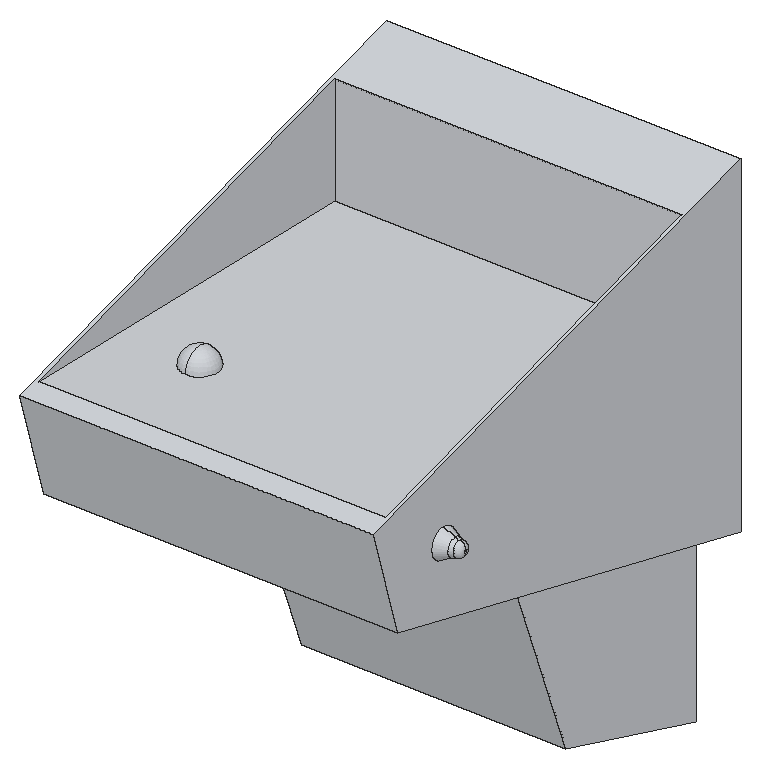
Revit family "Drinking_Fountain-Willoughby-WBDF-1519-HC-FA", category Plumbing Fixtures, Revit 2015
Parameters
  URL = "https://www.willoughby-ind.com/wp-content/uploads/2018/01/WBDF-1519-HC-FA.pdf"
  Revision = "A"
  Model = "WBDF-1519-HC-FA"
  Manufacturer = "Willoughby Industries"
  Description = "Ligature-resistant Rear Mounted Front Access Stainless Steel Behavioral Drinking Fountian"
  Contact = "(800) 428-4065"
Reference planes (in)
  plane 1 "Center (Front/Back)": y = 0
  plane 2: z = 0
  plane 3 "Center (Left/Right)": x = 0
  plane 4 "bubbler": x = -3.875
Forms (in)
  Extrusion 1, solid
    sketch origin (0, 0, 0) x (0, -1, 0) y (0, 0, -1)
      loop
        line (0, -25.0625) -> (0, -39.1875) -> (19.38668, -33.45253) -> (18.125, -29.1875) -> (0, -25.0625)
    from -7.5 to 7.5
  Extrusion 2, void
    sketch origin (0, 0, 0) x (0, 1, 0) y (0, 0, 1)
      loop
        line (-2.9375, 33.6875) -> (-2.9375, 41.6875) -> (-20.9375, 41.6875) -> (-20.9375, 33.6875) -> (-2.9375, 33.6875)
    from -7.34375 to 7.34375
  Extrusion 3, solid
    sketch origin (0, 0, 2.875) x (1, 0, 0) y (0, 0, 1)
      loop
        circle (0, 23.8125) r 0.75
    from -0.25 to 0
  Extrusion 4, solid
    sketch origin (0, 0, -0.625) x (1, 0, 0) y (0, 0, 1)
      loop
        circle (2.75, 27.4375) r 0.25
    from -0.25 to 0
  Revolve 5, solid
    sketch origin (-3.875, 0, 0) x (0, -1, 0) y (0, 0, 1)
      loop
        arc (15.15489, 33.6875) -> (14.93522, 34.21783) -> (14.40489, 34.4375) r 0.75
        line (14.40489, 34.4375) -> (14.40489, 33.6875) -> (15.15489, 33.6875)
      axis (14.40489, 33.6875) -> (14.40489, 34.4375)
    angle from 0 to 360
  Revolve 6, solid
    sketch origin (0, -15.75, 0) x (1, 0, 0) y (0, 0, 1)
      loop
        line (7.5, 31.5625) -> (7.5, 30.9375) -> (8, 31.1875) -> (8.1875, 31.25)
        arc (8.1875, 31.25) -> (8.36428, 31.32322) -> (8.4375, 31.5) r 0.25
        line (8.4375, 31.5) -> (8.4375, 31.5625) -> (7.5, 31.5625)
      axis (8.4375, 31.5625) -> (7.5, 31.5625)
    angle from 0 to 360
  Extrusion 7, solid
    sketch origin (0, 0, 0) x (0, 1, 0) y (0, 0, 1)
      loop
        line (0, 25.0625) -> (-9.875, 27.30991) -> (-6.875, 19.1875) -> (0, 17.1875) -> (0, 25.0625)
    from -5.59375 to 5.59375
Cuts and joins
  Extrusion 2 cuts Extrusion 1
Dimensions and locks (in)
  aligned and locked: level to plane 2
  aligned and locked: Revolve 6 sketch curve to Revolve 6 sketch curve  (x2)
